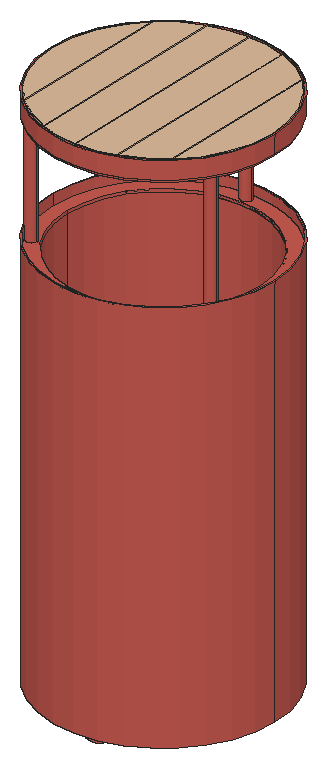
Revit family "product code 61707-S-LL", category Meble, Revit 2021
Family settings
  Numer OmniClass = 23.40.20.00
  Tytuł OmniClass = General Furniture and Specialties
  Oparty na płaszczyźnie roboczej = Nie
  Zawsze pionowo = Tak
  Tnij formami wycięć po wczytaniu = Nie
  Współdzielony = Nie
  Punkt obliczania pomieszczeń = Nie
Parameters (values of type "61707-S-L")
  wood = Kobenhagen Wood - Larch
  metal = Kobenhagen RAL 3020
  Width = "40 cm"
  Weight = "45 kg"
  URL = "https://kobenhagen.com/en_US/p/Valby-Waste-Bin/126"
  Size = "40 L"
  Product line = "Valby"
  Product Groups = "Waste Bins"
  Producent = "Lars Laj"
  Keynote = ""
  Opis = "Valby Waste Bin"
  Model = "61707-S-L"
  Material = "Larch, stainless steel, powder coated steel"
  Maintenance = "We recommend to examine and tighten all screws and bolt clamps after a few weeks’ use. In order to prevent cracks and to extend the life of the wood, it is recommended that the wood details should be oiled every 3-5 years."
  Lenght = "40 cm"
  Type Comments = ""
  Kobenhagen Materials = "larslaj.com/bim"
  Hosted on larslaj.com = "https://larslaj.com/bim"
  Height = "98 cm"
  Domyślna rzędna = 0 mm
  Copyright = "All designs and drawings are the intellectual property of Lars Laj A/S and are protected by Danish and international copyright laws."
Reference planes
  plane 1 "front": y = 0
  plane 2: z = 0
  plane 3 "Środek (Lewa/Prawa)": x = 0
  plane 4 "left": x = -596.285
  plane 5 "back": y = 400
  plane 6: z = 301.491
Forms (mm)
  Extrusion 1, solid, material "Kobenhagen RAL 3020" <- "metal", not visible
    sketch origin (0, 0, 0) x (0, 1, 0) y (0, 0, 1)
      loop
        arc (71.187, 451.5) -> (57.045, 445.642) -> (51.187, 431.5) r 20
        line (51.187, 431.5) -> (51.187, 18.231)
        arc (51.187, 18.231) -> (56.527, 5.34) -> (69.418, 0) r 18.231
        line (69.418, 0) -> (153.638, 0) -> (153.638, 15) -> (448.638, 15) -> (448.638, 0) -> (527.023, 0)
        arc (527.023, 0) -> (542.307, 6.331) -> (548.638, 21.615) r 21.615
        line (548.638, 21.615) -> (548.638, 429.407)
        arc (548.638, 429.407) -> (542.168, 445.029) -> (526.545, 451.5) r 22.093
        line (526.545, 451.5) -> (71.187, 451.5)
    from 750.378 to 745
  Extrusion 2, solid, material "Kobenhagen RAL 3020" <- "metal", not visible
    sketch origin (0, 0, 0) x (0, 1, 0) y (0, 0, 1)
      loop
        line (548.638, 396.844) -> (629.375, 854.725) -> (601.836, 859.581)
        arc (601.836, 859.581) -> (585.224, 855.898) -> (576.082, 841.547) r 22.232
        line (576.082, 841.547) -> (507.306, 451.5) -> (526.545, 451.5)
        arc (526.545, 451.5) -> (542.168, 445.029) -> (548.638, 429.407) r 22.093
        line (548.638, 429.407) -> (548.638, 396.844)
    from 745 to 750.378
  Extrusion 3, solid, material "Kobenhagen RAL 3020" <- "metal"
    sketch origin (0, 0, 0) x (1, 0, 0) y (0, 1, 0)
      loop
        circle (0, 0) r 202
      loop
        circle (0, 0) r 200
    from 30 to 742
  Extrusion 4, solid, material "Kobenhagen RAL 3020" <- "metal"
    sketch origin (0, 0, 0) x (1, 0, 0) y (0, 1, 0)
      loop
        circle (0, 0) r 118
      loop
        circle (-2, -0.003) r 198
    from 30 to 35
  Extrusion 5, solid, material "Kobenhagen RAL 3020" <- "metal"
    sketch origin (0, 0, 0) x (1, 0, 0) y (0, 1, 0)
      loop
        circle (0, 0) r 174
      loop
        circle (0, 0) r 200
    from 719 to 724
  Extrusion 6, solid, material "Kobenhagen RAL 3020" <- "metal"
    sketch origin (0, 0, 0) x (1, 0, 0) y (0, 1, 0)
      loop
        circle (0, 0) r 174
      loop
        circle (0, 0) r 175
    from 54 to 720
  Extrusion 7, solid, material "Kobenhagen RAL 3020" <- "metal"
    sketch origin (0, 0, 0) x (1, 0, 0) y (0, 1, 0)
      loop
        circle (0, 0) r 202
      loop
        circle (0, 0) r 200
    from 948 to 980
  Extrusion 8, solid, material "Kobenhagen RAL 3020" <- "metal"
    sketch origin (0, 0, 0) x (1, 0, 0) y (0, 1, 0)
      loop
        circle (-1, 187.497) r 10
      loop
        circle (-163.38, -93.753) r 10
      loop
        circle (161.38, -93.753) r 10
    from 719 to 943.877
  Extrusion 9, solid, material "Kobenhagen Wood - Larch" <- "wood"
    sketch origin (0, 0, 0) x (1, 0, 0) y (0, 1, 0)
      loop
        line (-2, -197.173) -> (-2, 195.362)
        arc (-2, 195.362) -> (-34.938, 192.866) -> (-67, 184.915) r 197.5
        line (-67, 184.915) -> (-67, -186.044)
        arc (-67, -186.044) -> (-34.94, -194.176) -> (-2, -197.173) r 210
      loop
        line (-69, -183.976) -> (-69, 185.253)
        arc (-69, 185.253) -> (-103.381, 168.958) -> (-134, 146.374) r 197.5
        line (-134, 146.374) -> (-134, -147.072)
        arc (-134, -147.072) -> (-103.262, -168.627) -> (-69, -183.976) r 197.5
      loop
        line (-136, -144.845) -> (-136, 144.552)
        arc (-136, 144.552) -> (-199.33, -0.146) -> (-136, -144.845) r 196.971
    from 948 to 980
  Extrusion 10, solid, material "Kobenhagen RAL 3020" <- "metal"
    sketch origin (0, -0.003, 0) x (1, 0, 0) y (0, 1, 0)
      loop
        circle (0, 0) r 174
      loop
        circle (0, 0) r 200
    from 948 to 943.877
  Extrusion 11, solid, material "Kobenhagen RAL 3020" <- "metal"
    sketch origin (2.162, -6.013, 0) x (1, 0, 0) y (0, 1, 0)
      loop
        circle (-2, -137.436) r 20
      loop
        circle (-2, 147.652) r 20
      loop
        circle (140.544, 5.108) r 20
      loop
        circle (-144.544, 5.108) r 20
    from 0 to 30
  Extrusion 12, solid, material "Kobenhagen Wood - Larch" <- "wood"
    sketch origin (-1.875, 0, 0) x (-1, 0, 0) y (0, -1, 0)
      loop
        arc (-2, 197.173) -> (-34.94, 194.176) -> (-67, 186.044) r 210
        line (-67, 186.044) -> (-67, -184.915)
        arc (-67, -184.915) -> (-34.938, -192.866) -> (-2, -195.362) r 197.5
        line (-2, -195.362) -> (-2, 197.173)
      loop
        arc (-69, 183.976) -> (-103.262, 168.627) -> (-134, 147.072) r 197.5
        line (-134, 147.072) -> (-134, -146.374)
        arc (-134, -146.374) -> (-103.381, -168.958) -> (-69, -185.253) r 197.5
        line (-69, -185.253) -> (-69, 183.976)
      loop
        arc (-136, 144.845) -> (-199.33, 0.146) -> (-136, -144.552) r 196.971
        line (-136, -144.552) -> (-136, 144.845)
    from 948 to 980
  Extrusion 13, solid, material "Kobenhagen RAL 3020" <- "metal"
    sketch origin (348.521, -64.807, 943.877) x (1, 0, 0) y (0, 1, 0)
      loop
        line (-528.238, 44.807) -> (-168.521, 44.807) -> (-168.521, 84.807) -> (-528.238, 84.807) -> (-528.238, 44.807)
    from 0.388 to 4.123
Dimensions and locks
  aligned and locked: level to plane 2
